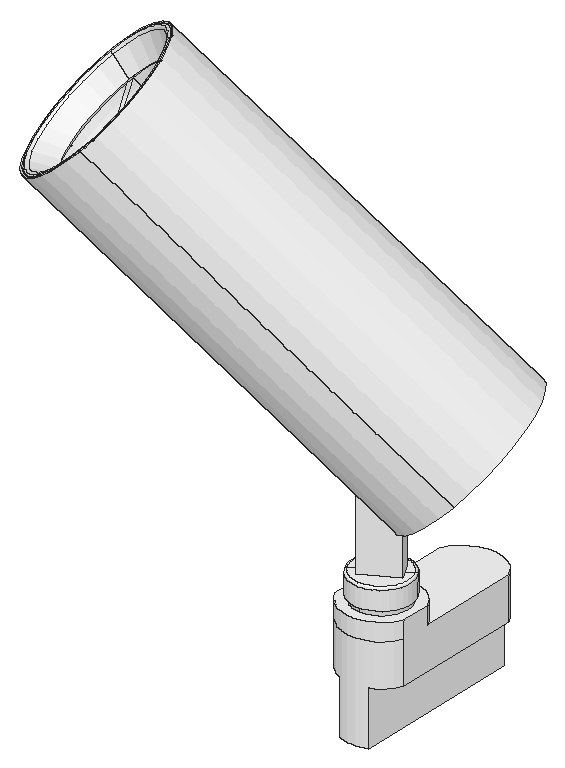
Revit family "0005448", category Lighting Fixtures, host Face, Revit 2017
Family settings
  Host = Face
  Round Connector Dimension = Use Diameter
  Part Type = Normal
  OmniClass Number = 23.80.70.00
  OmniClass Title = Lighting
  Cut with Voids When Loaded = No
  Light Source = No
  Shared = No
  Room Calculation Point = No
Parameters (values of type "0005448 PIXO MEDIUM 3000LM 940 NB MB WB WHT - 24 degree")
  Weight = "7.136 kg"
  Wattage Comments = ""
  WarrantyStartDate [instance] = "n/a"
  WarrantyGuarantorParts = "n/a"
  WarrantyDurationUnit = "n/a"
  WarrantyDurationParts = "n/a"
  WarrantyDescription = "n/a"
  Voltage = 0 V
  VerticalRotation_SYL [instance] = 60.00°
  VerticalEndAngle_SYL [instance] = VerticalRotation_SYL - 180.00°  # -120.00°
  URL = "http://www.sylvania-lighting.com"
  TypeName = "Pixo Medium 3000lm 940 NB MB WB WHT"
  TypeHead_SYL = START Track Spot Integral Head : 0005448 - 24
  TypeArm_SYL = START Track Spot Integral Arm : START Track Spot Integral WH
  Type Image = <None>
  Type Comments = "n/a"
  SerialNumber [instance] = "n/a"
  Material_3_SYL = none
  PowerFactor = 0.9
  PowerConsumption = "32 W"
  NominalLength = 283 mm
  NominalHeight = 283 mm
  NominalDepth = 86 mm
  Name = "Pixo Medium 3000lm 940 NB MB WB WHT"
  ModelReference = Name  # "Pixo Medium 3000lm 940 NB MB WB WHT"
  ModelNumber = "0005448"
  Model = Name  # "Pixo Medium 3000lm 940 NB MB WB WHT"
  Material = "n/a"
  ManufacturerName = "Feilo Sylvania"
  Manufacturer = "Feilo Sylvania"
  LuminousEfficacy = "95 lm/W"
  LuminaireType = ""
  LightOutputRatio = "n/a"
  LampsType = Lamp  # "LED"
  LampNominalLuminous = "3024 lm"
  LampMacAdamStep = "5"
  LampColourTemperature = "4000 K"
  LampColourRenderingIndex = "90"
  Lamp = "LED"
  Keynote = "16500"
  InstallationDate [instance] = "n/a"
  InputVoltage = "n/a"
  InputNominalFrequency = "n/a"
  IngressProtection = "IP20"
  ImpactProtectionIndex = "IK03"
  IfcExportType = "IfcLightFixtureType"
  IfcExportAs = "IfcLightFixtureType"
  HorizontalRotation_SYL [instance] = 45.00°
  ExpectedLife = 50000
  ElectricShockClassification = "Class I"
  DurationUnit = "hours"
  DocumentationLiterature = "http://www.sylvania-lighting.com/product/en-int/products/0005448"
  DimmingControlOptions = "n/a"
  Material_2_SYL = Spacer-Sylvania-StartTrackSpot-Aluminium
  Description = "Integrated LED spotlight, Textured White - RAL9016, simple and slick integral design with no driver box and without any visible screws, ideal for retail applications, die-cast aluminium body, passive cooling heatsink. Beam angle: 36°, additional lenses 24° and 54° beam angle included, color temperature: 4000k , total system power: 32W, total fixture output: 3024 lm, LOR: 100%, colour rendering: Ra: 90 typical, LED Chromaticity: 3 step MacAdam ellipse, lifetime: >50000 hours at L70B50, energy class: A++, A+, A, IR/UV free light source without heat radiation, operating voltage: 220-240V / 50-60Hz,  electronic driver, non-dimmable, ultra low LED flickering rate (5% or less), power factor: >0.90, electrical protection: Class I, Global Track 3 Circuit GA69 adapter suitable for Global trac 3-circuit tracks, ingress protection rating: IP20, suitable for internal environment only, horizontal rotation: 345°, vertical tilt: 90°, dimensions: Ø81x86x283, weight: 0.892kg."
  Default Elevation = 1219.2 mm
  CreatedOn = "9/9/2020"
  CreatedBy = "@sylvania-lighting.com"
  Cost = 0
  built-in parameter 1114216 [instance] = (empty or 0)
  ClassificationValue = "EF_70_80"
  ClassificationName = "Uniclass2015"
  Material_1_SYL = Body-Sylvania-StartTrackSpot-White
  BarCode [instance] = "n/a"
  AssetType = "Fixed"
  AssetIdentifier [instance] = "n/a"
  Assembly Code = "D5020200"
  Apparent Load = 32 VA
  Material_4_SYL = none
Reference planes
  plane 1 "Center (Front/Back)": y = 0
  plane 2: z = 0
  plane 3 "Center (Left/Right)": x = 0
  plane 4: x = 16.6
  plane 5: x = -16.6
  plane 6: x = 7
  plane 7: x = -7
  plane 8: x = -12.8
  plane 9: y = 42
  plane 10: y = 42
  plane 11: y = -42
  plane 12: y = 31.4
  plane 13: y = -31.4
  plane 14: z = -26
  plane 15: z = 20.3
  plane 16: z = 28.5
  plane 17: z = 31.2
  plane 18: y = -17.4
  plane 19: y = -6.8
  plane 20: y = -24.4
Forms (mm)
  Extrusion 1, solid, material "Body-Sylvania-StartTrackSpot-White" <- "Material_1_SYL"
    sketch origin (0, 0, 0) x (1, 0, 0) y (0, 1, 0)
      loop
        line (-16.6, 31.4) -> (-16.6, -31.4)
        arc (-16.6, -31.4) -> (0, -42) -> (16.6, -31.4) r 18.298
        line (16.6, -31.4) -> (16.6, 31.4)
        arc (16.6, 31.4) -> (0, 42) -> (-16.6, 31.4) r 18.298
    from -26 to 20.3
  Extrusion 2, void
    sketch origin (0, 0, 0) x (1, 0, 0) y (0, 1, 0)
      loop
        arc (-7, 40.608) -> (-12.666, 36.907) -> (-16.6, 31.4) r 18.298
        line (-16.6, 31.4) -> (-16.6, -31.4)
        arc (-16.6, -31.4) -> (-12.666, -36.907) -> (-7, -40.608) r 18.298
        line (-7, -40.608) -> (-7, 40.608)
      loop
        line (16.6, -31.4) -> (16.6, 31.4)
        arc (16.6, 31.4) -> (12.666, 36.907) -> (7, 40.608) r 18.298
        line (7, 40.608) -> (7, -40.608)
        arc (7, -40.608) -> (12.666, -36.907) -> (16.6, -31.4) r 18.298
    from 0 to -26
  Extrusion 3, solid, material "Body-Sylvania-StartTrackSpot-White" <- "Material_1_SYL"
    sketch origin (1223.4, -4572, 20.3) x (0, -1, 0) y (-1, 0, 0)
      loop
        line (-4540.6, 1240) -> (-4554.6, 1240)
        arc (-4554.6, 1240) -> (-4565.2, 1223.4) -> (-4554.6, 1206.8) r 18.298
        line (-4554.6, 1206.8) -> (-4540.6, 1206.8)
        arc (-4540.6, 1206.8) -> (-4530, 1223.4) -> (-4540.6, 1240) r 18.298
    from -8.2 to 0
  Extrusion 4, solid, material "Spacer-Sylvania-StartTrackSpot-Aluminium" <- "Material_2_SYL"
    sketch origin (1223.4, -4572, 28.5) x (0, -1, 0) y (-1, 0, 0)
      loop
        circle (-4547.6, 1223.4) r 12.7
    from 0 to -2.7
  Revolve 5, solid, not visible
    sketch origin (1524, -24.4, 1219.2) x (1, 0, 0) y (0, 0, 1)
      loop
        line (-1524, -1188) -> (-1524, -1168.735) -> (-1531, -1168.735) -> (-1531, -1188) -> (-1524, -1188)
      axis (-1524, -1168.735) -> (-1524, -1188)
    angle from 60 <- "VerticalRotation_SYL" to -120 <- "VerticalEndAngle_SYL"
Cuts and joins
  Extrusion 2 cuts Extrusion 1
  joined: Extrusion 1, Extrusion 3
Lines and regions (mm)
  reference lines
    curve 1: circle (0, -24.4, 0) r 12.7 normal (0, 0, 1)
    curve 2: arc (-16.6, -31.4, 0) -> (0, -42, 0) -> (16.6, -31.4, 0) r 18.298
    curve 3: arc (-16.6, -17.4, 0) -> (0, -6.8, 0) -> (16.6, -17.4, 0) r 18.298
    curve 4: arc (-16.6, 31.4, 0) -> (0, 42, 0) -> (16.6, 31.4, 0) r 18.298
Dimensions and locks
  plane 6 to plane 3 "Center (Left/Right)" to plane 7 = 7 mm locked, 7 mm locked
  plane 4 to plane 3 "Center (Left/Right)" to plane 5 = 16.6 mm locked, 16.6 mm locked
  locked: plane 3 "Center (Left/Right)" to plane 8 at 12.8
  plane 11 to plane 1 "Center (Front/Back)" to plane 10 = 42 mm locked, 42 mm locked
  plane 13 to plane 1 "Center (Front/Back)" to plane 12 = 31.4 mm locked, 31.4 mm locked
  locked: plane 2 to plane 14 at 26
  locked: plane 15 to plane 2 at 20.3
  plane 17 to plane 16 to plane 15 = 2.7 mm locked, 8.2 mm locked
  locked: plane 13 to plane 18 at 14
  locked: plane 18 to plane 19 at 10.6
  equal spacing: plane 13, plane 20, plane 18
  locked: plane 20 to curve 2 at 0.698
  locked: curve 3 to plane 20 at 0.698
  aligned and locked: plane 2 to host face
  aligned and locked: level to host face
  aligned and locked: plane 3 "Center (Left/Right)" to curve 1
  aligned and locked: plane 20 to curve 1
  aligned and locked: plane 13 to curve 2  (x2)
  aligned and locked: plane 18 to curve 3  (x2)
  aligned and locked: plane 12 to curve 4  (x2)
  aligned and locked: plane 4 to curve 4
  aligned and locked: plane 3 "Center (Left/Right)" to curve 4
  aligned and locked: plane 5 to curve 2
  aligned and locked: plane 5 to curve 3
  aligned and locked: plane 4 to curve 3
  aligned and locked: plane 4 to curve 2
  aligned and locked: plane 12 to Extrusion 1 sketch curve
  aligned and locked: plane 13 to Extrusion 1 sketch curve
  aligned and locked: Extrusion 1 sketch curve to curve 4
  aligned and locked: Extrusion 1 sketch curve to curve 2
  aligned and locked: Extrusion 1 to plane 15
  aligned and locked: plane 14 to Extrusion 1
  aligned and locked: Extrusion 2 sketch curve to Extrusion 1  (x5)
  aligned and locked: Extrusion 2 sketch curve to plane 7
  aligned and locked: plane 14 to Extrusion 2
  aligned and locked: level to Extrusion 2
  aligned and locked: Extrusion 3 sketch curve to cut or joined group of Extrusion 1, Extrusion 2, Extrusion 3  (x2)
  aligned and locked: Extrusion 3 sketch curve to curve 3
  aligned and locked: cut or joined group of Extrusion 1, Extrusion 2, Extrusion 3 to Extrusion 3 sketch curve
  aligned and locked: Extrusion 3 to plane 16
  aligned and locked: plane 15 to Extrusion 3
  aligned and locked: Extrusion 4 sketch curve to curve 1
  aligned and locked: Extrusion 4 to plane 17
  aligned and locked: plane 16 to Extrusion 4
  aligned and locked: Revolve 5 sketch curve to plane 3 "Center (Left/Right)"
  aligned and locked: Extrusion 4 to Revolve 5 sketch curve
  aligned and locked: Revolve 5 sketch curve to Extrusion 4
  aligned and locked: plane 17 to nested 1
Automatic sketch dimensions
  host sketch curve to host sketch curve = 2438.4 mm  (x2)
  plane 12 to curve 4 = 7.698 mm
  plane 12 to Extrusion 2 sketch curve = 0 mm
  Extrusion 2 sketch curve to Extrusion 2 sketch curve = 0 mm  (x2)
  Extrusion 2 sketch curve to plane 6 = 0 mm
  Revolve 5 sketch curve to plane 7 = 0 mm
  Revolve 5 sketch curve to Revolve 5 sketch curve = 19.265 mm
  plane 14 to Revolve 5 sketch curve = 583.6 mm
  Revolve 5 sketch curve to Revolve 5 sketch curve = 2558.594 mm
  radius of curve 1 = 12.7 mm
Nested families
  nested 1: "START Track Spot Integral Arm" at (0, -24.4, 31.2) x (0, 0, -1) z (0.866, 0.5, 0), type <- "TypeArm_SYL", HorizontalRotation_SYL <- "HorizontalRotation_SYL", type "START Track Spot Integral WH"
    with HorizontalRotation_SYL 45.00°, HorizontalEndAngle_SYL -135.00°
  nested 2: "START Track Spot Integral Head" at (18.677, -13.617, 104.767) x (-0.5, 0.866, 0) z (0.6124, 0.3536, -0.7071), type <- "TypeHead_SYL", type "0005448 - 24"
    with built-in parameter 1114216 (empty or 0)
Connectors
  electrical at (0, 0, 0), driven by "Apparent Load", driven by "PowerFactor", driven by "Voltage"
    settings: index 1, voltage 0 V, apparent load 32 VA, apparent load phase1 0 VA, apparent load phase2 0 VA, apparent load phase3 0 VA, power factor 0.9, load classification "Lighting", number of poles 1, system type 30, power factor state 1, is connector primary yes, connector utility no, sub classification motor no, connector description ""
Definition of nested family "START Track Spot Integral Arm"
  Parameters (values of type "START Track Spot Integral WH")
    URL = "http://www.sylvania-lighting.com"
    Type Image = (empty or 0)
    Type Comments = "n/a"
    Material_3_SYL = none
    Model = ""
    Manufacturer = "Feilo Sylvania"
    Keynote = ""
    Material_2_SYL = none
    HorizontalRotation_SYL [instance] = 0.00°
    HorizontalEndAngle_SYL [instance] = HorizontalRotation_SYL - 180.00°  # -180.00°
    Description = ""
    Default Elevation = 1219.2 mm
    Cost = 0
    Material_1_SYL = none
    Assembly Code = ""
    Material_4_SYL = none
  Types (2): name
    START Track Spot Integral WH
    START Track Spot Integral BL
  Reference planes
    plane 1 "Center (Front/Back)": y = 0
    plane 2: z = 0
    plane 3 "Center (Left/Right)": x = 0
    plane 4: x = -10
    plane 5: z = -14
    plane 6: z = -14
    plane 7: z = 14
    plane 8: x = -52
    plane 9: z = 9
    plane 10: z = -9
    plane 11: x = -60
    plane 12: y = 4.5
    plane 13: y = -4.5
    plane 14: x = -9
    plane 15: z = 13
    plane 16: z = 4
    plane 17: z = -4
    plane 18: x = -55
  Forms (mm)
    Extrusion 1, solid
      sketch origin (4.2, 0, 0) x (1, 0, 0) y (0, 1, 0)
        loop
          line (-1219.2, 1219.2) -> (-1219.2, -1219.2) -> (1219.2, -1219.2) -> (1219.2, 1219.2) -> (-1219.2, 1219.2)
      from 0 to -68.017
    Revolve 2, solid, material <- "Material_1_SYL"
      sketch origin (0, 0, 0) x (1, 0, 0) y (0, 0, 1)
        loop
          line (0, 0) -> (0, 14) -> (-9, 14)
          arc (-9, 14) -> (-9.707, 13.707) -> (-10, 13) r 1
          line (-10, 13) -> (-10, 0) -> (0, 0)
        axis (-10, 0) -> (0, 0)
      angle from 360 to 0
    Extrusion 3, solid, material <- "Material_1_SYL"
      sketch origin (0, 0, 0) x (1, 0, 0) y (0, 0, 1)
        loop
          line (-10, 9) -> (-55, 9)
          arc (-55, 9) -> (-58.536, 7.536) -> (-60, 4) r 5
          line (-60, 4) -> (-60, -4)
          arc (-60, -4) -> (-58.536, -7.536) -> (-55, -9) r 5
          line (-55, -9) -> (-10, -9) -> (-10, 9)
      from -4.5 to 4.5
    Revolve 4, solid, not visible
      sketch origin (-52, -4572, 2609.058) x (0, 0, 1) y (0, -1, 0)
        loop
          line (-2609.058, -4553.46) -> (-2609.058, -4590.54) -> (-2605.058, -4590.54) -> (-2605.058, -4553.46) -> (-2609.058, -4553.46)
        axis (-2609.058, -4553.46) -> (-2609.058, -4590.54)
      angle from 0 <- "HorizontalRotation_SYL" to -180 <- "HorizontalEndAngle_SYL"
  Dimensions and locks
    locked: plane 3 "Center (Left/Right)" to plane 4 at 10
    plane 7 to plane 2 to plane 6 = 14 mm locked, 14 mm locked
    locked: plane 4 to plane 8 at 42
    plane 13 to plane 1 "Center (Front/Back)" to plane 12 = 4.5 mm locked, 4.5 mm locked
    locked: plane 14 to plane 4 at 1
    locked: plane 7 to plane 15 at 1
    locked: plane 9 to plane 16 at 5
    locked: plane 17 to plane 10 at 5
    equal spacing: Revolve 4 sketch curve, plane 1 "Center (Front/Back)", Revolve 4 sketch curve
    locked: Revolve 4 sketch curve to plane 1 "Center (Front/Back)" at 18.54
    locked: plane 18 to plane 11 at 5
    locked: plane 4 to plane 11 at 50
    aligned and locked: plane 2 to Extrusion 1
    aligned and locked: level to Extrusion 1
    aligned and locked: level to Revolve 2 sketch curve  (x2)
    aligned and locked: plane 3 "Center (Left/Right)" to Revolve 2 sketch curve
    aligned and locked: Revolve 2 sketch curve to plane 7
    aligned and locked: plane 4 to Revolve 2 sketch curve
    aligned and locked: plane 15 to Revolve 2 sketch curve
    aligned and locked: plane 14 to Revolve 2 sketch curve
    aligned and locked: Revolve 2 sketch curve to plane 2
    aligned and locked: Extrusion 3 sketch curve to plane 9
    aligned and locked: plane 4 to Extrusion 3 sketch curve
    aligned and locked: plane 10 to Extrusion 3 sketch curve
    aligned and locked: Extrusion 3 sketch curve to plane 11
    aligned and locked: plane 13 to Extrusion 3
    aligned and locked: Extrusion 3 to plane 12
    aligned and locked: plane 16 to Extrusion 3 sketch curve
    aligned and locked: plane 17 to Extrusion 3 sketch curve
    aligned and locked: Revolve 4 sketch curve to level
    aligned and locked: Revolve 4 sketch curve to plane 16
    aligned and locked: Revolve 4 sketch curve to plane 2
    aligned and locked: plane 18 to Extrusion 3 sketch curve  (x2)
Definition of nested family "START Track Spot Integral Head"
  Parameters (values of type "0005448 - 24")
    WidthCutOut_SYL = 9.5 mm  # constant formula
    Wattage Comments = "n/a"
    Wattage = 33 W
    built-in parameter 1150110 = 1 (stored number, unit not read)
    URL = "http://www.sylvania-lighting.com"
    Type Image = (empty or 0)
    Type Comments = "n/a"
    built-in parameter 1114217 = 1 (stored number, unit not read)
    Tilt Angle = 90.00°
    built-in parameter 1150109 = 1 (stored number, unit not read)
    built-in parameter 1150134 = 12
    built-in parameter 1150113 = 1 (stored number, unit not read)
    S_SYL = no
    RadiusLensOut_SYL = if(S_SYL, 21 mm, if(M_SYL, 30.5 mm, 33 mm))  # 30.5 mm
    RadiusLensHolder_SYL = 1.8 mm  # constant formula
    RadiusHead_SYL = if(S_SYL, 30 mm, if(M_SYL, 40 mm, 45.5 mm))  # 40 mm
    RadiusEmission_SYL = if(S_SYL, 8 mm, if(M_SYL, 16.5 mm, 16.5 mm))  # 16.5 mm
    Photometric Web File = "0005448_24.ies"
    built-in parameter 1150142 = "IESNA:LM-63-2002\r\n[TEST] 202010556\r\n[TESTLAB] \r\n[TESTDATE] 25 May 2020\r\n[ISSUEDATE] 25 May 2020\r\n[MANUFAC] Sylvania\r\n[LUMCAT] 202010556\r\n[LUMINAIRE] FT1080-W-4000£¨24¡ã£©\r\n[FLASHAREA] 0.000985\r\n[LAMPCAT] 202010556\r\n[LAMP] LED 32W - 31.24 W\r\nTILT=NONE\r\n1 2838.30 1.0 181 4 1 2 -0.072 -0.072 0.000\r\n1.00 1.00 31.24\r\n0.00 1.00 2.00 3.00 4.00 5.00 6.00 7.00 8.00 9.00 10.00 \r\n11.00 12.00 13.00 14.00 15.00 16.00 17.00 18.00 19.00 \r\n20.00 21.00 22.00 23.00 24.00 25.00 26.00 27.00 28.00 \r\n29.00 30.00 31.00 32.00 33.00 34.00 35.00 36.00 37.00 \r\n38.00 39.00 40.00 41.00 42.00 43.00 44.00 45.00 46.00 \r\n47.00 48.00 49.00 50.00 51.00 52.00 53.00 54.00 55.00 \r\n56.00 57.00 58.00 59.00 60.00 61.00 62.00 63.00 64.00 \r\n65.00 66.00 67.00 68.00 69.00 70.00 71.00 72.00 73.00 \r\n74.00 75.00 76.00 77.00 78.00 79.00 80.00 81.00 82.00 \r\n83.00 84.00 85.00 86.00 87.00 88.00 89.00 90.00 91.00 \r\n92.00 93.00 94.00 95.00 96.00 97.00 98.00 99.00 100.00 \r\n101.00 102.00 103.00 104.00 105.00 106.00 107.00 108.00 \r\n109.00 110.00 111.00 112.00 113.00 114.00 115.00 116.00 \r\n117.00 118.00 119.00 120.00 121.00 122.00 123.00 124.00 \r\n125.00 126.00 127.00 128.00 129.00 130.00 131.00 132.00 \r\n133.00 134.00 135.00 136.00 137.00 138.00 139.00 140.00 \r\n141.00 142.00 143.00 144.00 145.00 146.00 147.00 148.00 \r\n149.00 150.00 151.00 152.00 153.00 154.00 155.00 156.00 \r\n157.00 158.00 159.00 160.00 161.00 162.00 163.00 164.00 \r\n165.00 166.00 167.00 168.00 169.00 170.00 171.00 172.00 \r\n173.00 174.00 175.00 176.00 177.00 178.00 179.00 180.00 \r\n0.00 30.00 60.00 90.00 \r\n12645.80 12632.29 12498.80 12336.78 12016.45 11696.89 \r\n11219.14 10591.80 9882.07 9047.31 8207.44 7357.44 6507.13 \r\n5693.30 4952.93 4252.82 3664.70 3158.88 2718.30 2319.41 \r\n1962.65 1658.26 1386.95 1141.55 937.87 760.13 609.38 \r\n496.99 395.34 320.08 265.38 218.28 183.63 157.33 138.65 \r\n125.69 116.25 108.85 103.16 98.05 93.22 89.29 85.34 81.91 \r\n79.16 76.55 74.37 72.71 71.92 70.85 70.18 69.85 69.11 \r\n68.44 68.02 67.28 65.68 64.02 62.64 60.86 58.52 56.38 \r\n54.12 51.59 49.24 46.75 44.46 41.75 39.37 36.81 34.10 \r\n31.37 28.60 26.12 23.34 20.77 18.15 15.52 13.15 11.03 \r\n9.32 7.26 5.22 3.17 1.86 0.98 0.56 0.27 0.09 0.01 0.01 \r\n0.01 0.01 0.01 0.01 0.01 0.01 0.01 0.01 0.01 0.01 0.01 \r\n0.01 0.01 0.01 0.01 0.01 0.01 0.01 0.01 0.01 0.01 0.01 \r\n0.01 0.01 0.01 0.01 0.01 0.01 0.01 0.01 0.01 0.01 0.01 \r\n0.01 0.01 0.01 0.01 0.01 0.01 0.01 0.01 0.01 0.01 0.01 \r\n0.01 0.01 0.01 0.01 0.01 0.01 0.01 0.01 0.01 0.01 0.01 \r\n0.01 0.01 0.01 0.01 0.01 0.01 0.01 0.01 0.01 0.01 0.01 \r\n0.01 0.01 0.01 0.01 0.01 0.01 0.01 0.01 0.01 0.01 0.01 \r\n0.01 0.01 0.01 0.01 0.01 0.01 0.01 0.01 0.01 0.01 0.01\r\n0.01 0.01 \r\n12631.96 12612.72 12514.36 12319.23 12010.45 11648.89 \r\n11205.65 10561.69 9835.10 9001.52 8106.99 7246.67 6374.56 \r\n5560.23 4815.22 4161.79 3614.47 3103.64 2680.41 2281.46 \r\n1933.63 1632.46 1361.77 1126.84 915.42 744.86 601.55 \r\n484.23 392.30 317.84 266.85 220.28 186.14 160.00 141.07 \r\n127.26 116.93 109.56 103.69 98.35 93.80 89.76 86.09 82.72 \r\n80.51 78.10 76.60 75.21 74.10 73.24 72.62 72.12 71.52 \r\n70.91 70.19 69.00 67.49 65.89 64.15 62.18 59.94 57.31 \r\n54.87 52.41 49.83 47.34 44.95 42.30 39.87 37.12 34.56 \r\n31.66 28.94 26.36 23.57 21.00 18.34 15.59 13.02 11.17 \r\n9.41 7.52 5.26 3.06 1.50 0.95 0.54 0.24 0.02 0.01 0.01 \r\n0.01 0.01 0.01 0.01 0.01 0.01 0.01 0.01 0.01 0.01 0.01 \r\n0.01 0.01 0.01 0.01 0.01 0.01 0.01 0.01 0.01 0.01 0.01 \r\n0.01 0.01 0.01 0.01 0.01 0.01 0.01 0.01 0.01 0.01 0.01 \r\n0.01 0.01 0.01 0.01 0.01 0.01 0.01 0.01 0.01 0.01 0.01 \r\n0.01 0.01 0.01 0.01 0.01 0.01 0.01 0.01 0.01 0.01 0.01 \r\n0.01 0.01 0.01 0.01 0.01 0.01 0.01 0.01 0.01 0.01 0.01 \r\n0.01 0.01 0.01 0.01 0.01 0.01 0.01 0.01 0.01 0.01 0.01 \r\n0.01 0.01 0.01 0.01 0.01 0.01 0.01 0.01 0.01 0.01 0.01 \r\n0.01 0.01 \r\n12656.09 12624.22 12509.55 12321.50 12053.14 11691.32 \r\n11180.41 10587.42 9852.36 9028.52 8084.67 7230.43 6382.23 \r\n5542.13 4795.32 4165.54 3620.19 3119.70 2680.63 2297.96 \r\n1936.94 1631.52 1364.82 1124.91 921.18 742.84 606.54 \r\n482.41 391.46 320.21 263.08 217.87 181.62 155.22 136.63 \r\n123.12 113.60 106.31 100.59 95.43 91.07 87.32 83.88 81.13 \r\n78.54 76.65 75.38 74.08 73.07 72.49 71.76 71.42 70.78 \r\n69.99 69.06 68.07 67.00 65.30 63.64 61.73 59.33 56.92 \r\n54.68 52.22 49.68 47.17 44.60 42.23 39.54 37.06 34.29 \r\n31.50 28.72 26.17 23.45 20.81 18.25 15.57 13.18 11.24 \r\n9.52 7.67 5.39 3.22 1.64 0.97 0.56 0.25 0.05 0.01 0.01 \r\n0.01 0.01 0.01 0.01 0.01 0.01 0.01 0.01 0.01 0.01 0.01 \r\n0.01 0.01 0.01 0.01 0.01 0.01 0.01 0.01 0.01 0.01 0.01 \r\n0.01 0.01 0.01 0.01 0.01 0.01 0.01 0.01 0.01 0.01 0.01 \r\n0.01 0.01 0.01 0.01 0.01 0.01 0.01 0.01 0.01 0.01 0.01 \r\n0.01 0.01 0.01 0.01 0.01 0.01 0.01 0.01 0.01 0.01 0.01 \r\n0.01 0.01 0.01 0.01 0.01 0.01 0.01 0.01 0.01 0.01 0.01 \r\n0.01 0.01 0.01 0.01 0.01 0.01 0.01 0.01 0.01 0.01 0.01 \r\n0.01 0.01 0.01 0.01 0.01 0.01 0.01 0.01 0.01 0.01 0.01 \r\n0.01 0.01 \r\n12663.13 12603.17 12473.29 12324.68 12014.35 11654.39 \r\n11194.89 10533.50 9815.64 9007.48 8110.31 7245.55 6374.33 \r\n5573.43 4823.73 4167.54 3597.88 3113.08 2684.85 2271.01 \r\n1919.78 1628.11 1354.25 1107.74 907.68 737.93 598.07 \r\n488.74 386.64 310.38 253.99 212.39 180.16 157.44 139.82 \r\n127.09 116.91 109.15 102.98 97.75 93.24 89.28 84.95 81.51 \r\n78.96 76.43 74.19 72.79 71.69 70.89 70.46 70.02 69.58 \r\n69.06 67.97 67.10 65.64 64.10 62.97 60.88 58.56 56.37 \r\n54.21 51.65 49.27 46.93 44.53 42.03 39.50 37.10 34.32 \r\n31.55 28.69 26.06 23.36 20.85 18.20 15.46 13.22 11.14 \r\n9.46 7.36 5.27 3.19 1.78 0.99 0.56 0.25 0.06 0.01 0.01 \r\n0.01 0.01 0.01 0.01 0.01 0.01 0.01 0.01 0.01 0.01 0.01 \r\n0.01 0.01 0.01 0.01 0.01 0.01 0.01 0.01 0.01 0.01 0.01 \r\n0.01 0.01 0.01 0.01 0.01 0.01 0.01 0.01 0.01 0.01 0.01 \r\n0.01 0.01 0.01 0.01 0.01 0.01 0.01 0.01 0.01 0.01 0.01 \r\n0.01 0.01 0.01 0.01 0.01 0.01 0.01 0.01 0.01 0.01 0.01 \r\n0.01 0.01 0.01 0.01 0.01 0.01 0.01 0.01 0.01 0.01 0.01 \r\n0.01 0.01 0.01 0.01 0.01 0.01 0.01 0.01 0.01 0.01 0.01 \r\n0.01 0.01 0.01 0.01 0.01 0.01 0.01 0.01 0.01 0.01 0.01\r\n0.01 0.01 \r\n"
    Material_3_SYL = none
    Model = "ST TRK SPT INTGRL 3000LM 940 MB WHT"
    Manufacturer = "Feilo Sylvania"
    M_SYL = yes
    built-in parameter 1150105 = 238.73 (stored number, unit not read)
    Lumens = 3000 lm
    built-in parameter 1150115 = 1 (stored number, unit not read)
    built-in parameter 1150137 = (empty or 0)
    built-in parameter 1150139 = (empty or 0)
    built-in parameter 1150112 = 1 (stored number, unit not read)
    built-in parameter 1150114 = 1 (stored number, unit not read)
    Lamp = "LED"
    Keynote = "16500"
    Material_2_SYL = none
    built-in parameter 1150132 = (empty or 0)
    built-in parameter 1150102 = (empty or 0)
    built-in parameter 1150107 = 4000 (stored number, unit not read)
    built-in parameter 1150138 = (empty or 0)
    built-in parameter 1150106 = 2.3873 (stored number, unit not read)
    Height_SYL = if(S_SYL, 160 mm, if(M_SYL, 200 mm, 215 mm))  # 200 mm
    Emit from Circle Diameter = RadiusLensOut_SYL * 2  # 61 mm
    Emit Shape Visible in Rendering = no
    built-in parameter 1150104 = 8.4457 (stored number, unit not read)
    DistRotateAxisY_SYL = 16.8 mm  # constant formula
    Dimming Lamp Color Temperature Shift = (empty or 0)
    Description = ""
    DepthLens_SYL = 1.25 * (RadiusHead_SYL - 1 mm - RadiusLensOut_SYL)  # 10.625 mm
    DepthEmission_SYL = Height_SYL / 6.4  # 31.25 mm
    DepthCutOut_SYL = WidthCutOut_SYL * 2  # 19 mm
    Default Elevation = 1219.2 mm
    Cost = 0
    Color Filter = 16777215
    built-in parameter 1114216 [instance] = (empty or 0)
    Material_1_SYL = none
    built-in parameter 1114218 = 1 (stored number, unit not read)
    built-in parameter 1150133 = 10 (stored number, unit not read)
    Assembly Code = "D5020200"
    Apparent Load = 33 VA
    Material_4_SYL = none
  Types (3, lengths in mm): name | Photometric Web File | built-in parameter 1150142
    0005448 - 24 | "0005448_24.ies" | "IESNA:LM-63-2002\r\n[TEST] 202010556\r\n[TESTLAB] \r\n[TESTDATE] 25 May 2020\r\n[ISSUEDATE] 25 May 2020\r\n[MANUFAC] Sylvania\r\n[LUMCAT] 202010556\r\n[LUMINAIRE] FT1080-W-4000£¨24¡ã£©\r\n[FLASHAREA] 0.000985\r\n[LAMPCAT] 202010556\r\n[LAMP] LED 32W - 31.24 W\r\nTILT=NONE\r\n1 2838.30 1.0 181 4 1 2 -0.072 -0.072 0.000\r\n1.00 1.00 31.24\r\n0.00 1.00 2.00 3.00 4.00 5.00 6.00 7.00 8.00 9.00 10.00 \r\n11.00 12.00 13.00 14.00 15.00 16.00 17.00 18.00 19.00 \r\n20.00 21.00 22.00 23.00 24.00 25.00 26.00 27.00 28.00 \r\n29.00 30.00 31.00 32.00 33.00 34.00 35.00 36.00 37.00 \r\n38.00 39.00 40.00 41.00 42.00 43.00 44.00 45.00 46.00 \r\n47.00 48.00 49.00 50.00 51.00 52.00 53.00 54.00 55.00 \r\n56.00 57.00 58.00 59.00 60.00 61.00 62.00 63.00 64.00 \r\n65.00 66.00 67.00 68.00 69.00 70.00 71.00 72.00 73.00 \r\n74.00 75.00 76.00 77.00 78.00 79.00 80.00 81.00 82.00 \r\n83.00 84.00 85.00 86.00 87.00 88.00 89.00 90.00 91.00 \r\n92.00 93.00 94.00 95.00 96.00 97.00 98.00 99.00 100.00 \r\n101.00 102.00 103.00 104.00 105.00 106.00 107.00 108.00 \r\n109.00 110.00 111.00 112.00 113.00 114.00 115.00 116.00 \r\n117.00 118.00 119.00 120.00 121.00 122.00 123.00 124.00 \r\n125.00 126.00 127.00 128.00 129.00 130.00 131.00 132.00 \r\n133.00 134.00 135.00 136.00 137.00 138.00 139.00 140.00 \r\n141.00 142.00 143.00 144.00 145.00 146.00 147.00 148.00 \r\n149.00 150.00 151.00 152.00 153.00 154.00 155.00 156.00 \r\n157.00 158.00 159.00 160.00 161.00 162.00 163.00 164.00 \r\n165.00 166.00 167.00 168.00 169.00 170.00 171.00 172.00 \r\n173.00 174.00 175.00 176.00 177.00 178.00 179.00 180.00 \r\n0.00 30.00 60.00 90.00 \r\n12645.80 12632.29 12498.80 12336.78 12016.45 11696.89 \r\n11219.14 10591.80 9882.07 9047.31 8207.44 7357.44 6507.13 \r\n5693.30 4952.93 4252.82 3664.70 3158.88 2718.30 2319.41 \r\n1962.65 1658.26 1386.95 1141.55 937.87 760.13 609.38 \r\n496.99 395.34 320.08 265.38 218.28 183.63 157.33 138.65 \r\n125.69 116.25 108.85 103.16 98.05 93.22 89.29 85.34 81.91 \r\n79.16 76.55 74.37 72.71 71.92 70.85 70.18 69.85 69.11 \r\n68.44 68.02 67.28 65.68 64.02 62.64 60.86 58.52 56.38 \r\n54.12 51.59 49.24 46.75 44.46 41.75 39.37 36.81 34.10 \r\n31.37 28.60 26.12 23.34 20.77 18.15 15.52 13.15 11.03 \r\n9.32 7.26 5.22 3.17 1.86 0.98 0.56 0.27 0.09 0.01 0.01 \r\n0.01 0.01 0.01 0.01 0.01 0.01 0.01 0.01 0.01 0.01 0.01 \r\n0.01 0.01 0.01 0.01 0.01 0.01 0.01 0.01 0.01 0.01 0.01 \r\n0.01 0.01 0.01 0.01 0.01 0.01 0.01 0.01 0.01 0.01 0.01 \r\n0.01 0.01 0.01 0.01 0.01 0.01 0.01 0.01 0.01 0.01 0.01 \r\n0.01 0.01 0.01 0.01 0.01 0.01 0.01 0.01 0.01 0.01 0.01 \r\n0.01 0.01 0.01 0.01 0.01 0.01 0.01 0.01 0.01 0.01 0.01 \r\n0.01 0.01 0.01 0.01 0.01 0.01 0.01 0.01 0.01 0.01 0.01 \r\n0.01 0.01 0.01 0.01 0.01 0.01 0.01 0.01 0.01 0.01 0.01\r\n0.01 0.01 \r\n12631.96 12612.72 12514.36 12319.23 12010.45 11648.89 \r\n11205.65 10561.69 9835.10 9001.52 8106.99 7246.67 6374.56 \r\n5560.23 4815.22 4161.79 3614.47 3103.64 2680.41 2281.46 \r\n1933.63 1632.46 1361.77 1126.84 915.42 744.86 601.55 \r\n484.23 392.30 317.84 266.85 220.28 186.14 160.00 141.07 \r\n127.26 116.93 109.56 103.69 98.35 93.80 89.76 86.09 82.72 \r\n80.51 78.10 76.60 75.21 74.10 73.24 72.62 72.12 71.52 \r\n70.91 70.19 69.00 67.49 65.89 64.15 62.18 59.94 57.31 \r\n54.87 52.41 49.83 47.34 44.95 42.30 39.87 37.12 34.56 \r\n31.66 28.94 26.36 23.57 21.00 18.34 15.59 13.02 11.17 \r\n9.41 7.52 5.26 3.06 1.50 0.95 0.54 0.24 0.02 0.01 0.01 \r\n0.01 0.01 0.01 0.01 0.01 0.01 0.01 0.01 0.01 0.01 0.01 \r\n0.01 0.01 0.01 0.01 0.01 0.01 0.01 0.01 0.01 0.01 0.01 \r\n0.01 0.01 0.01 0.01 0.01 0.01 0.01 0.01 0.01 0.01 0.01 \r\n0.01 0.01 0.01 0.01 0.01 0.01 0.01 0.01 0.01 0.01 0.01 \r\n0.01 0.01 0.01 0.01 0.01 0.01 0.01 0.01 0.01 0.01 0.01 \r\n0.01 0.01 0.01 0.01 0.01 0.01 0.01 0.01 0.01 0.01 0.01 \r\n0.01 0.01 0.01 0.01 0.01 0.01 0.01 0.01 0.01 0.01 0.01 \r\n0.01 0.01 0.01 0.01 0.01 0.01 0.01 0.01 0.01 0.01 0.01 \r\n0.01 0.01 \r\n12656.09 12624.22 12509.55 12321.50 12053.14 11691.32 \r\n11180.41 10587.42 9852.36 9028.52 8084.67 7230.43 6382.23 \r\n5542.13 4795.32 4165.54 3620.19 3119.70 2680.63 2297.96 \r\n1936.94 1631.52 1364.82 1124.91 921.18 742.84 606.54 \r\n482.41 391.46 320.21 263.08 217.87 181.62 155.22 136.63 \r\n123.12 113.60 106.31 100.59 95.43 91.07 87.32 83.88 81.13 \r\n78.54 76.65 75.38 74.08 73.07 72.49 71.76 71.42 70.78 \r\n69.99 69.06 68.07 67.00 65.30 63.64 61.73 59.33 56.92 \r\n54.68 52.22 49.68 47.17 44.60 42.23 39.54 37.06 34.29 \r\n31.50 28.72 26.17 23.45 20.81 18.25 15.57 13.18 11.24 \r\n9.52 7.67 5.39 3.22 1.64 0.97 0.56 0.25 0.05 0.01 0.01 \r\n0.01 0.01 0.01 0.01 0.01 0.01 0.01 0.01 0.01 0.01 0.01 \r\n0.01 0.01 0.01 0.01 0.01 0.01 0.01 0.01 0.01 0.01 0.01 \r\n0.01 0.01 0.01 0.01 0.01 0.01 0.01 0.01 0.01 0.01 0.01 \r\n0.01 0.01 0.01 0.01 0.01 0.01 0.01 0.01 0.01 0.01 0.01 \r\n0.01 0.01 0.01 0.01 0.01 0.01 0.01 0.01 0.01 0.01 0.01 \r\n0.01 0.01 0.01 0.01 0.01 0.01 0.01 0.01 0.01 0.01 0.01 \r\n0.01 0.01 0.01 0.01 0.01 0.01 0.01 0.01 0.01 0.01 0.01 \r\n0.01 0.01 0.01 0.01 0.01 0.01 0.01 0.01 0.01 0.01 0.01 \r\n0.01 0.01 \r\n12663.13 12603.17 12473.29 12324.68 12014.35 11654.39 \r\n11194.89 10533.50 9815.64 9007.48 8110.31 7245.55 6374.33 \r\n5573.43 4823.73 4167.54 3597.88 3113.08 2684.85 2271.01 \r\n1919.78 1628.11 1354.25 1107.74 907.68 737.93 598.07 \r\n488.74 386.64 310.38 253.99 212.39 180.16 157.44 139.82 \r\n127.09 116.91 109.15 102.98 97.75 93.24 89.28 84.95 81.51 \r\n78.96 76.43 74.19 72.79 71.69 70.89 70.46 70.02 69.58 \r\n69.06 67.97 67.10 65.64 64.10 62.97 60.88 58.56 56.37 \r\n54.21 51.65 49.27 46.93 44.53 42.03 39.50 37.10 34.32 \r\n31.55 28.69 26.06 23.36 20.85 18.20 15.46 13.22 11.14 \r\n9.46 7.36 5.27 3.19 1.78 0.99 0.56 0.25 0.06 0.01 0.01 \r\n0.01 0.01 0.01 0.01 0.01 0.01 0.01 0.01 0.01 0.01 0.01 \r\n0.01 0.01 0.01 0.01 0.01 0.01 0.01 0.01 0.01 0.01 0.01 \r\n0.01 0.01 0.01 0.01 0.01 0.01 0.01 0.01 0.01 0.01 0.01 \r\n0.01 0.01 0.01 0.01 0.01 0.01 0.01 0.01 0.01 0.01 0.01 \r\n0.01 0.01 0.01 0.01 0.01 0.01 0.01 0.01 0.01 0.01 0.01 \r\n0.01 0.01 0.01 0.01 0.01 0.01 0.01 0.01 0.01 0.01 0.01 \r\n0.01 0.01 0.01 0.01 0.01 0.01 0.01 0.01 0.01 0.01 0.01 \r\n0.01 0.01 0.01 0.01 0.01 0.01 0.01 0.01 0.01 0.01 0.01\r\n0.01 0.01 \r\n"
